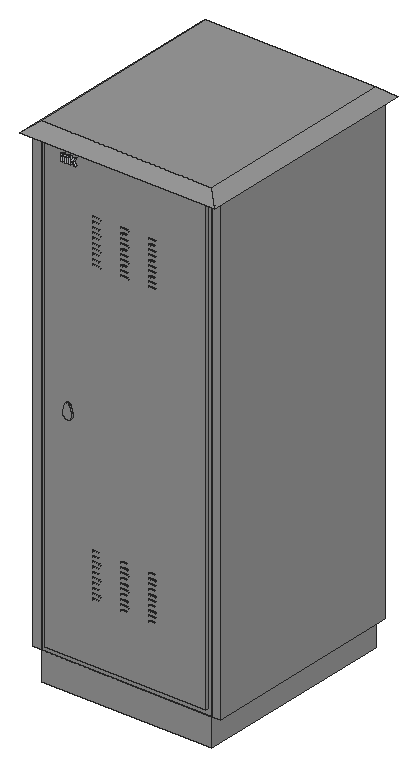
Revit family "Шкаф ITK уличный (напольный)", category Электрооборудование, Revit 2016 (continued)
Definition of nested family "Панель задняя"
  Forms (mm)
    Extrusion 4, void
      sketch origin (0, 0, -865) x (1, 0, 0) y (0, 0, 1)
        loop
          line (100.254, 1275) -> (108, 1275) -> (128, 1275) -> (135.746, 1275)
        loop
          arc (135.746, 1295) -> (133.477, 1300.477) -> (128, 1302.746) r 7.746
          line (128, 1302.746) -> (108, 1302.746)
          arc (108, 1302.746) -> (102.523, 1300.477) -> (100.254, 1295) r 7.746
          line (100.254, 1295) -> (108, 1295) -> (128, 1295) -> (135.746, 1295)
        loop
          arc (135.746, 1315) -> (133.477, 1320.477) -> (128, 1322.746) r 7.746
          line (128, 1322.746) -> (108, 1322.746)
          arc (108, 1322.746) -> (102.523, 1320.477) -> (100.254, 1315) r 7.746
          line (100.254, 1315) -> (108, 1315) -> (128, 1315) -> (135.746, 1315)
        loop
          arc (135.749, 1335) -> (133.481, 1340.477) -> (128.004, 1342.745) r 7.745
          line (128.004, 1342.745) -> (108.011, 1342.745)
          arc (108.011, 1342.745) -> (102.527, 1340.481) -> (100.254, 1335) r 7.746
          line (100.254, 1335) -> (108, 1335) -> (128, 1335) -> (135.749, 1335)
        loop
          arc (135.746, 1355) -> (133.477, 1360.477) -> (128, 1362.746) r 7.746
          line (128, 1362.746) -> (108, 1362.746)
          arc (108, 1362.746) -> (102.523, 1360.477) -> (100.254, 1355) r 7.746
          line (100.254, 1355) -> (108, 1355) -> (128, 1355) -> (135.746, 1355)
        loop
          arc (135.746, 1375) -> (133.477, 1380.477) -> (128, 1382.746) r 7.746
          line (128, 1382.746) -> (108, 1382.746)
          arc (108, 1382.746) -> (102.523, 1380.477) -> (100.254, 1375) r 7.746
          line (100.254, 1375) -> (108, 1375) -> (128, 1375) -> (135.746, 1375)
        loop
          arc (135.748, 1395) -> (133.48, 1400.477) -> (128.004, 1402.745) r 7.745
          line (128.004, 1402.745) -> (108.01, 1402.745)
          arc (108.01, 1402.745) -> (102.526, 1400.48) -> (100.254, 1395) r 7.746
          line (100.254, 1395) -> (108, 1395) -> (128, 1395) -> (135.748, 1395)
        loop
          arc (135.746, 1415) -> (133.477, 1420.477) -> (128, 1422.746) r 7.746
          line (128, 1422.746) -> (108, 1422.746)
          arc (108, 1422.746) -> (102.523, 1420.477) -> (100.254, 1415) r 7.746
          line (100.254, 1415) -> (108, 1415) -> (128, 1415) -> (135.746, 1415)
        loop
          arc (135.75, 1435) -> (133.482, 1440.476) -> (128.006, 1442.745) r 7.744
          line (128.006, 1442.745) -> (108.015, 1442.745)
          arc (108.015, 1442.745) -> (102.528, 1440.482) -> (100.254, 1435) r 7.745
          line (100.254, 1435) -> (108, 1435) -> (128, 1435) -> (135.75, 1435)
      from 428.5 to 438.5
  Cuts and joins
    Extrusion 3, Extrusion 4 cuts Extrusion 1
    Extrusion 4 cuts Extrusion 2
  Dimensions and locks
    equal spacing: plane 7, plane 1 "По центру (Вперед/Назад)", plane 6
    equal spacing: plane 4, plane 3 "По центру (Влево/Вправо)", plane 5
    "Ширина": plane 4 to plane 5
    "Глубина": plane 7 to plane 6
    "L": plane 7 to plane 9
    "L": plane 6 to plane 8
    locked: plane 11 to plane 5 at 20
    locked: plane 4 to plane 10 at 20
    locked: plane 12 to plane 14 at 20
    "L": plane 15 to plane 12
    locked: plane 13 to plane 16 at 20
    locked: plane 17 to plane 4 at 120
    locked: plane 14 to plane 18 at 50
    "Основание": plane 16 to plane 2
    "Высота": plane 15 to plane 2
    locked: plane 19 to plane 7 at 10
    equal spacing: plane 21, plane 3 "По центру (Влево/Вправо)", plane 20
    locked: plane 21 to plane 20 at 200
    "a": plane 18 to plane 24
    "b": plane 25 to plane 13
    equal spacing: plane 15, plane 22, plane 2
    locked: plane 19 to plane 26 at 5
    aligned and locked: level to plane 2
    aligned and locked: plane 14 to Extrusion 1
    aligned and locked: Extrusion 1 to plane 13
    aligned and locked: Extrusion 1 sketch curve to plane 11
    aligned and locked: plane 19 to Extrusion 1 sketch curve
    aligned and locked: plane 7 to Extrusion 1 sketch curve
    aligned and locked: plane 9 to Extrusion 2 sketch curve
    aligned and locked: plane 4 to Extrusion 2 sketch curve
    aligned and locked: Extrusion 2 sketch curve to plane 7
    aligned and locked: plane 5 to Extrusion 2 sketch curve
    aligned and locked: plane 12 to Extrusion 2
    aligned and locked: Extrusion 2 to plane 16
    aligned and locked: Extrusion 3 to plane 7
    aligned and locked: Extrusion 1 to Extrusion 3
    aligned and locked: plane 24 to cut or joined group of Extrusion 1, Extrusion 3, Extrusion 4
    aligned and locked: plane 25 to cut or joined group of Extrusion 1, Extrusion 3, Extrusion 4
    aligned and locked: Extrusion 4 to plane 7
    aligned and locked: plane 19 to Extrusion 4
  Automatic sketch dimensions
    Extrusion 1 sketch curve to plane 10 = 0 mm
    plane 21 to Extrusion 3 sketch curve = 35.746 mm  (x4)
    Extrusion 3 sketch curve to Extrusion 3 sketch curve = 0 mm  (x96)
    Extrusion 3 sketch curve to Extrusion 3 sketch curve = 0.002 mm
    Extrusion 3 sketch curve to Extrusion 3 sketch curve = 0.003 mm
    Extrusion 3 sketch curve to Extrusion 3 sketch curve = 0.004 mm  (x10)
    Extrusion 3 sketch curve to Extrusion 3 sketch curve = 7.746 mm  (x37)
    Extrusion 3 sketch curve to Extrusion 3 sketch curve = 7.743 mm  (x2)
    Extrusion 3 sketch curve to Extrusion 3 sketch curve = 7.744 mm  (x3)
    Extrusion 3 sketch curve to Extrusion 3 sketch curve = 7.742 mm
    Extrusion 3 sketch curve to Extrusion 3 sketch curve = 0.006 mm  (x3)
    Extrusion 3 sketch curve to Extrusion 3 sketch curve = 0.01 mm  (x6)
    plane 21 to Extrusion 3 sketch curve = 8.004 mm
    plane 21 to Extrusion 3 sketch curve = 8 mm  (x9)
    Extrusion 3 sketch curve to Extrusion 3 sketch curve = 0.011 mm  (x3)
    Extrusion 3 sketch curve to Extrusion 3 sketch curve = 0.015 mm  (x3)
    plane 21 to Extrusion 3 sketch curve = 0.257 mm
    plane 21 to Extrusion 3 sketch curve = 0.254 mm  (x9)
    Extrusion 3 sketch curve to plane 3 "По центру (Влево/Вправо)" = 17.746 mm  (x10)
    Extrusion 3 sketch curve to Extrusion 3 sketch curve = 7.745 mm  (x7)
    plane 3 "По центру (Влево/Вправо)" to Extrusion 3 sketch curve = 9.996 mm
    plane 3 "По центру (Влево/Вправо)" to Extrusion 3 sketch curve = 10 mm  (x9)
    plane 20 to Extrusion 3 sketch curve = 0.254 mm  (x10)
    Extrusion 3 sketch curve to Extrusion 3 sketch curve = 20 mm  (x4)
    Extrusion 3 sketch curve to Extrusion 3 sketch curve = 12.253 mm  (x8)
    Extrusion 3 sketch curve to Extrusion 3 sketch curve = 12.255 mm  (x5)
    Extrusion 3 sketch curve to Extrusion 3 sketch curve = 12.254 mm  (x20)
    Extrusion 3 sketch curve to Extrusion 3 sketch curve = 0.001 mm  (x2)
    plane 21 to Extrusion 4 sketch curve = 35.746 mm  (x4)
    Extrusion 4 sketch curve to Extrusion 4 sketch curve = 0 mm  (x80)
    Extrusion 4 sketch curve to Extrusion 4 sketch curve = 0.002 mm
    Extrusion 4 sketch curve to Extrusion 4 sketch curve = 0.003 mm
    Extrusion 4 sketch curve to Extrusion 4 sketch curve = 0.004 mm  (x10)
    Extrusion 4 sketch curve to Extrusion 4 sketch curve = 7.746 mm  (x31)
    Extrusion 4 sketch curve to Extrusion 4 sketch curve = 7.743 mm  (x2)
    Extrusion 4 sketch curve to Extrusion 4 sketch curve = 7.744 mm  (x3)
    Extrusion 4 sketch curve to Extrusion 4 sketch curve = 7.742 mm
    Extrusion 4 sketch curve to Extrusion 4 sketch curve = 0.006 mm  (x3)
    Extrusion 4 sketch curve to Extrusion 4 sketch curve = 0.01 mm  (x6)
    plane 21 to Extrusion 4 sketch curve = 8.004 mm
    plane 21 to Extrusion 4 sketch curve = 8 mm  (x9)
    Extrusion 4 sketch curve to Extrusion 4 sketch curve = 0.011 mm  (x3)
    Extrusion 4 sketch curve to Extrusion 4 sketch curve = 0.015 mm  (x3)
    plane 21 to Extrusion 4 sketch curve = 0.257 mm
    plane 21 to Extrusion 4 sketch curve = 0.254 mm  (x9)
    Extrusion 4 sketch curve to plane 3 "По центру (Влево/Вправо)" = 17.746 mm  (x10)
    Extrusion 4 sketch curve to Extrusion 4 sketch curve = 7.745 mm  (x7)
    Extrusion 4 sketch curve to plane 3 "По центру (Влево/Вправо)" = 10 mm  (x2)
    plane 3 "По центру (Влево/Вправо)" to Extrusion 4 sketch curve = 9.996 mm
    plane 3 "По центру (Влево/Вправо)" to Extrusion 4 sketch curve = 10 mm  (x9)
    plane 20 to Extrusion 4 sketch curve = 0.254 mm  (x10)
    plane 20 to Extrusion 4 sketch curve = 8 mm  (x4)
    Extrusion 4 sketch curve to Extrusion 4 sketch curve = 20 mm  (x5)
    plane 13 to Extrusion 4 sketch curve = 249.999 mm
    Extrusion 4 sketch curve to Extrusion 4 sketch curve = 0.001 mm  (x2)
    Extrusion 4 sketch curve to Extrusion 4 sketch curve = 12.253 mm  (x8)
    Extrusion 4 sketch curve to Extrusion 4 sketch curve = 12.255 mm  (x5)
    Extrusion 4 sketch curve to Extrusion 4 sketch curve = 12.254 mm  (x20)
    plane 22 to Extrusion 3 sketch curve = 591.499 mm
Definition of nested family "УГО (одна дверь)"
  Parameters (values of type "УГО (одна дверь)")
    Ширина УГО = 6 mm
    Засечка УГО = 1.2 mm
    Глубина УГО = 6 mm
  Reference planes
    plane 1: y = 0
    plane 2: x = 0
  Lines and regions (mm)
    detail lines
      curve 1: line (-3, 3, 0) -> (3, 3, 0)
      curve 2: line (-3, -3, 0) -> (-3, 3, 0)
      curve 3: line (3, -3, 0) -> (-3, -3, 0)
      curve 4: line (3, 3, 0) -> (3, -3, 0)
      curve 5: line (3, -3, 0) -> (3, -9, 0)
      curve 6: arc (-3, -3, 0) -> (-1.243, -7.243, 0) -> (3, -9, 0) r 6
      curve 7: line (3, -1.8, 0) -> (-3, -1.8, 0)
  Dimensions and locks
    equal spacing: curve 2, plane 2, curve 4
    "Ширина УГО": curve 2 to curve 4
    equal spacing: curve 1, plane 1, curve 3
    "Глубина УГО": curve 1 to curve 3
    "Ширина УГО": curve 3 to curve 5
    "Засечка УГО": curve 7 to curve 3
Types in the file's own list only (3): name | Ширина УГО | Ширина | Основание | Засечка УГО | Глубина УГО | Глубина | Высота | ADSK_Ток | ADSK_Полная мощность | ADSK_Номинальная мощность | ADSK_Напряжение | ADSK_Наименование краткое | ADSK_Наименование | ADSK_Марка
  LO35-24U78-MM55 | 7 мм | 714 мм | 120 мм | 1 мм | 9 мм | 857 мм | 1303 мм | 0 А | 1 В·А | 1 Вт | 220 В | "LO35-24U78-MM55" | "ITK Шкаф уличный 19\" 24U 720x860, IP55 металл двери, серый" | "LO35-24U78-MM55"
  LO35-33U78-MM55 | 7 мм | 714 мм | 120 мм | 1 мм | 9 мм | 857 мм | 1703 мм | 0 А | 1 В·А | 1 Вт | 220 В | "LO35-33U78-MM55" | "ITK Шкаф уличный 19\" 33U 720x860, IP55, металл двери, серый" | "LO35-33U78-MM55"
  LO35-42U78-MM55 | 7 мм | 714 мм | 120 мм | 1 мм | 9 мм | 857 мм | 2103 мм | 0 А | 1 В·А | 1 Вт | 220 В | "LO35-42U78-MM55" | "ITK Шкаф уличный 19\" 42U 720x860, IP55 металл двери, серый" | "LO35-42U78-MM55"
